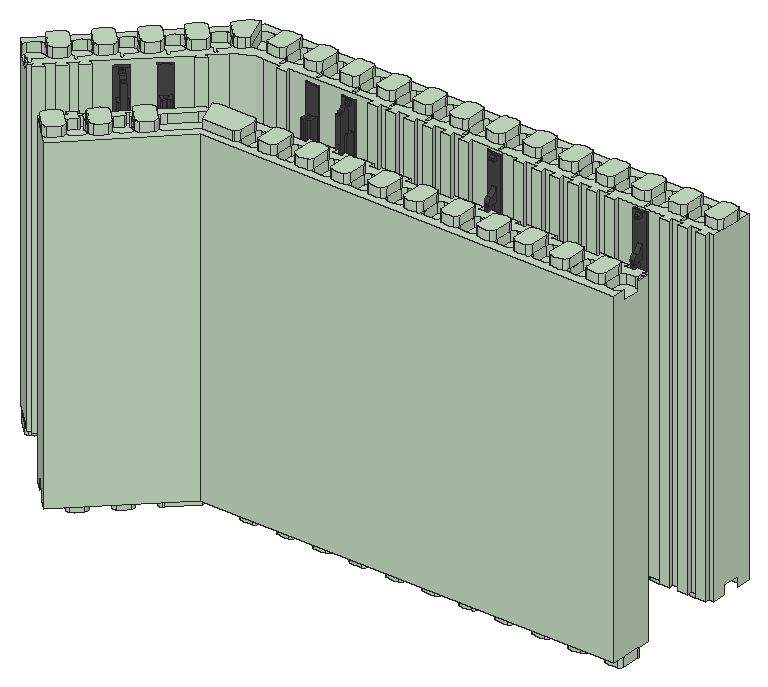
Revit family (continued)
Definition of nested family "4-inch Insert Web"
  Forms (mm)
    Extrusion 2, solid, material "High Density Polystyrene"
      sketch origin (0, 0, 0) x (0, 1, 0) y (0, 0, 1)
        loop
          line (28.016, 366.947) -> (8.37, 357.753)
          arc (8.37, 357.753) -> (4.342, 351.679) -> (1.524, 344.958) r 38.683
          line (1.524, 344.958) -> (1.524, 330.717)
          arc (1.524, 330.717) -> (4.39, 325.677) -> (9.462, 322.866) r 10.723
          line (9.462, 322.866) -> (28.575, 322.866)
          arc (28.575, 322.866) -> (34.302, 326.664) -> (38.1, 332.391) r 17.304
          line (38.1, 332.391) -> (38.1, 358.508)
          arc (38.1, 358.508) -> (34.431, 364.369) -> (28.016, 366.947) r 11.169
        loop
          arc (-28.016, 366.947) -> (-34.431, 364.369) -> (-38.1, 358.508) r 11.169
          line (-38.1, 358.508) -> (-38.1, 332.391)
          arc (-38.1, 332.391) -> (-34.302, 326.664) -> (-28.575, 322.866) r 17.304
          line (-28.575, 322.866) -> (-9.462, 322.866)
          arc (-9.462, 322.866) -> (-4.39, 325.677) -> (-1.524, 330.717) r 10.723
          line (-1.524, 330.717) -> (-1.524, 344.958)
          arc (-1.524, 344.958) -> (-4.342, 351.679) -> (-8.37, 357.753) r 38.683
          line (-8.37, 357.753) -> (-28.016, 366.947)
        loop
          arc (28.016, 274.213) -> (34.431, 276.792) -> (38.1, 282.652) r 11.169
          line (38.1, 282.652) -> (38.1, 308.769)
          arc (38.1, 308.769) -> (34.302, 314.497) -> (28.575, 318.294) r 17.304
          line (28.575, 318.294) -> (9.462, 318.294)
          arc (9.462, 318.294) -> (4.39, 315.483) -> (1.524, 310.443) r 10.723
          line (1.524, 310.443) -> (1.524, 296.202)
          arc (1.524, 296.202) -> (4.342, 289.481) -> (8.37, 283.408) r 38.683
          line (8.37, 283.408) -> (28.016, 274.213)
        loop
          line (-28.016, 274.213) -> (-8.37, 283.408)
          arc (-8.37, 283.408) -> (-4.342, 289.481) -> (-1.524, 296.202) r 38.683
          line (-1.524, 296.202) -> (-1.524, 310.443)
          arc (-1.524, 310.443) -> (-4.39, 315.483) -> (-9.462, 318.294) r 10.723
          line (-9.462, 318.294) -> (-28.575, 318.294)
          arc (-28.575, 318.294) -> (-34.302, 314.497) -> (-38.1, 308.769) r 17.304
          line (-38.1, 308.769) -> (-38.1, 282.652)
          arc (-38.1, 282.652) -> (-34.431, 276.792) -> (-28.016, 274.213) r 11.169
        loop
          arc (10.766, 277.238) -> (5.515, 279.027) -> (0, 279.633) r 25.4
          arc (0, 279.633) -> (-5.515, 279.027) -> (-10.766, 277.238) r 25.4
          line (-10.766, 277.238) -> (-30.783, 267.87)
          arc (-30.783, 267.87) -> (-36.116, 263.184) -> (-38.1, 256.368) r 12.7
          line (-38.1, 256.368) -> (-38.1, 236.534) -> (-35.052, 231.454) -> (-35.052, 228.6) -> (-35.052, 225.746) -> (-38.1, 220.666) -> (-38.1, 200.832)
          arc (-38.1, 200.832) -> (-36.116, 194.016) -> (-30.783, 189.33) r 12.7
          line (-30.783, 189.33) -> (-10.766, 179.962)
          arc (-10.766, 179.962) -> (-5.515, 178.173) -> (0, 177.567) r 25.4
          arc (0, 177.567) -> (5.515, 178.173) -> (10.766, 179.962) r 25.4
          line (10.766, 179.962) -> (30.783, 189.33)
          arc (30.783, 189.33) -> (36.116, 194.016) -> (38.1, 200.832) r 12.7
          line (38.1, 200.832) -> (38.1, 220.666) -> (35.052, 225.746) -> (35.052, 228.6) -> (35.052, 231.454) -> (38.1, 236.534) -> (38.1, 256.368)
          arc (38.1, 256.368) -> (36.116, 263.184) -> (30.783, 267.87) r 12.7
          line (30.783, 267.87) -> (10.766, 277.238)
        loop
          arc (28.016, 90.253) -> (34.431, 92.831) -> (38.1, 98.692) r 11.169
          line (38.1, 98.692) -> (38.1, 124.809)
          arc (38.1, 124.809) -> (34.302, 130.536) -> (28.575, 134.334) r 17.304
          line (28.575, 134.334) -> (9.462, 134.334)
          arc (9.462, 134.334) -> (4.39, 131.523) -> (1.524, 126.483) r 10.723
          line (1.524, 126.483) -> (1.524, 112.242)
          arc (1.524, 112.242) -> (4.342, 105.521) -> (8.37, 99.447) r 38.683
          line (8.37, 99.447) -> (28.016, 90.253)
        loop
          line (-28.016, 90.253) -> (-8.37, 99.447)
          arc (-8.37, 99.447) -> (-4.342, 105.521) -> (-1.524, 112.242) r 38.683
          line (-1.524, 112.242) -> (-1.524, 126.483)
          arc (-1.524, 126.483) -> (-4.39, 131.523) -> (-9.462, 134.334) r 10.723
          line (-9.462, 134.334) -> (-28.575, 134.334)
          arc (-28.575, 134.334) -> (-34.302, 130.536) -> (-38.1, 124.809) r 17.304
          line (-38.1, 124.809) -> (-38.1, 98.692)
          arc (-38.1, 98.692) -> (-34.431, 92.831) -> (-28.016, 90.253) r 11.169
        loop
          line (28.016, 182.987) -> (8.37, 173.792)
          arc (8.37, 173.792) -> (4.342, 167.719) -> (1.524, 160.998) r 38.683
          line (1.524, 160.998) -> (1.524, 146.757)
          arc (1.524, 146.757) -> (4.39, 141.717) -> (9.462, 138.906) r 10.723
          line (9.462, 138.906) -> (28.575, 138.906)
          arc (28.575, 138.906) -> (34.302, 142.703) -> (38.1, 148.431) r 17.304
          line (38.1, 148.431) -> (38.1, 174.548)
          arc (38.1, 174.548) -> (34.431, 180.408) -> (28.016, 182.987) r 11.169
        loop
          arc (-28.016, 182.987) -> (-34.431, 180.408) -> (-38.1, 174.548) r 11.169
          line (-38.1, 174.548) -> (-38.1, 148.431)
          arc (-38.1, 148.431) -> (-34.302, 142.703) -> (-28.575, 138.906) r 17.304
          line (-28.575, 138.906) -> (-9.462, 138.906)
          arc (-9.462, 138.906) -> (-4.39, 141.717) -> (-1.524, 146.757) r 10.723
          line (-1.524, 146.757) -> (-1.524, 160.998)
          arc (-1.524, 160.998) -> (-4.342, 167.719) -> (-8.37, 173.792) r 38.683
          line (-8.37, 173.792) -> (-28.016, 182.987)
      from 3.175 to -3.175
    Extrusion 3, solid, material "High Density Polystyrene"
      sketch origin (0, 0, 0) x (0, 1, 0) y (0, 0, 1)
        loop
          line (56.134, 410.919) -> (43.434, 410.919) -> (43.434, 380.439) -> (56.134, 380.439) -> (56.134, 410.919)
        loop
          line (56.134, 361.389) -> (43.434, 361.389) -> (43.434, 330.909) -> (56.134, 330.909) -> (56.134, 361.389)
        loop
          line (56.134, 311.859) -> (43.434, 311.859) -> (43.434, 281.379) -> (56.134, 281.379) -> (56.134, 311.859)
        loop
          line (56.134, 262.329) -> (43.434, 262.329) -> (43.434, 234.897) -> (56.134, 234.897) -> (56.134, 262.329)
        loop
          line (56.134, 215.847) -> (43.434, 215.847) -> (43.434, 188.415) -> (56.134, 188.415) -> (56.134, 215.847)
        loop
          line (56.134, 169.365) -> (43.434, 169.365) -> (43.434, 138.885) -> (56.134, 138.885) -> (56.134, 169.365)
        loop
          line (56.134, 119.835) -> (43.434, 119.835) -> (43.434, 89.355) -> (56.134, 89.355) -> (56.134, 119.835)
        loop
          line (56.134, 70.305) -> (43.434, 70.305) -> (43.434, 39.825) -> (56.134, 39.825) -> (56.134, 70.305)
        loop
          line (-56.134, 410.919) -> (-56.134, 380.439) -> (-43.434, 380.439) -> (-43.434, 410.919) -> (-56.134, 410.919)
        loop
          line (-56.134, 361.389) -> (-56.134, 330.909) -> (-43.434, 330.909) -> (-43.434, 361.389) -> (-56.134, 361.389)
        loop
          line (-56.134, 311.859) -> (-56.134, 281.379) -> (-43.434, 281.379) -> (-43.434, 311.859) -> (-56.134, 311.859)
        loop
          line (-56.134, 262.329) -> (-56.134, 234.897) -> (-43.434, 234.897) -> (-43.434, 262.329) -> (-56.134, 262.329)
        loop
          line (-56.134, 215.847) -> (-56.134, 188.415) -> (-43.434, 188.415) -> (-43.434, 215.847) -> (-56.134, 215.847)
        loop
          line (-56.134, 169.365) -> (-56.134, 138.885) -> (-43.434, 138.885) -> (-43.434, 169.365) -> (-56.134, 169.365)
        loop
          line (-56.134, 119.835) -> (-56.134, 89.355) -> (-43.434, 89.355) -> (-43.434, 119.835) -> (-56.134, 119.835)
        loop
          line (-56.134, 70.305) -> (-56.134, 39.825) -> (-43.434, 39.825) -> (-43.434, 70.305) -> (-56.134, 70.305)
      from 6.35 to -6.35
    Extrusion 4, void
      sketch origin (0, -25.4, 0) x (1, 0, 0) y (0, 1, 0)
        loop
          line (-6.35, 70.929) -> (-6.35, 68.834) -> (-4.255, 68.834)
          arc (-4.255, 68.834) -> (-5.736, 69.448) -> (-6.35, 70.929) r 2.095
      from 0 to 457.2
    Extrusion 5, void
      sketch origin (0, -25.4, 0) x (-1, 0, 0) y (0, -1, 0)
        loop
          arc (-6.35, -70.929) -> (-5.736, -69.448) -> (-4.255, -68.834) r 2.095
          line (-4.255, -68.834) -> (-6.35, -68.834) -> (-6.35, -70.929)
      from 0 to 457.2
    Extrusion 6, void
      sketch origin (0, 25.4, 0) x (1, 0, 0) y (0, 1, 0)
        loop
          arc (-6.35, -70.929) -> (-5.736, -69.448) -> (-4.255, -68.834) r 2.095
          line (-4.255, -68.834) -> (-6.35, -68.834) -> (-6.35, -70.929)
      from 0 to 457.2
    Extrusion 7, void
      sketch origin (0, 25.4, 0) x (-1, 0, 0) y (0, -1, 0)
        loop
          line (-6.35, 70.929) -> (-6.35, 68.834) -> (-4.255, 68.834)
          arc (-4.255, 68.834) -> (-5.736, 69.448) -> (-6.35, 70.929) r 2.095
      from 0 to 457.2
  Cuts and joins
    Extrusion 4, Extrusion 5, Extrusion 6, Extrusion 7 cuts Extrusion 1
    Extrusion 4, Extrusion 5, Extrusion 6, Extrusion 7 cuts Extrusion 3
Definition of nested family "NUDURA Diamond Pattern"
  Reference planes
    plane 1 "Center (Front/Back)": y = 0
    plane 2: z = 0
    plane 3 "Center (Left/Right)": x = 0
    plane 4: z = 457.2
  Lines and regions (mm)
    model lines
      curve 1: line (203.2, -142.875, 457.2) -> (203.2, -142.875, 0)
      curve 2: line (152.4, -142.875, 457.2) -> (152.4, -142.875, 0)
      curve 3: line (50.8, -142.875, 457.2) -> (50.8, -142.875, 0)
      curve 4: line (85.183, -142.875, 431.415) -> (93.906, -142.875, 422.692)
      curve 5: arc (85.183, -142.875, 444.885) -> (82.394, -142.875, 438.15) -> (85.183, -142.875, 431.415) r 9.525
      curve 6: line (94.708, -142.875, 454.41) -> (85.183, -142.875, 444.885)
      curve 7: arc (108.179, -142.875, 454.41) -> (101.444, -142.875, 457.2) -> (94.708, -142.875, 454.41) r 9.525
      curve 8: line (117.704, -142.875, 444.885) -> (108.179, -142.875, 454.41)
      curve 9: arc (117.704, -142.875, 431.415) -> (120.494, -142.875, 438.15) -> (117.704, -142.875, 444.885) r 9.525
      curve 10: line (108.981, -142.875, 422.692) -> (117.704, -142.875, 431.415)
      curve 11: arc (105.934, -142.875, 452.165) -> (101.444, -142.875, 454.025) -> (96.953, -142.875, 452.165) r 6.35
      curve 12: line (115.459, -142.875, 442.64) -> (105.934, -142.875, 452.165)
      curve 13: arc (115.459, -142.875, 433.66) -> (117.319, -142.875, 438.15) -> (115.459, -142.875, 442.64) r 6.35
      curve 14: line (105.934, -142.875, 424.135) -> (115.459, -142.875, 433.66)
      curve 15: arc (96.953, -142.875, 424.135) -> (101.444, -142.875, 422.275) -> (105.934, -142.875, 424.135) r 6.35
      curve 16: line (87.428, -142.875, 433.66) -> (96.953, -142.875, 424.135)
      curve 17: arc (87.428, -142.875, 442.64) -> (85.569, -142.875, 438.15) -> (87.428, -142.875, 433.66) r 6.35
      curve 18: line (96.953, -142.875, 452.165) -> (87.428, -142.875, 442.64)
      curve 19: arc (93.906, -142.875, 415.508) -> (95.394, -142.875, 419.1) -> (93.906, -142.875, 422.692) r 5.08
      curve 20: line (117.704, -142.875, 406.785) -> (108.981, -142.875, 415.508)
      curve 21: arc (117.704, -142.875, 393.315) -> (120.494, -142.875, 400.05) -> (117.704, -142.875, 406.785) r 9.525
      curve 22: line (108.981, -142.875, 384.592) -> (117.704, -142.875, 393.315)
      curve 23: line (85.183, -142.875, 393.315) -> (93.906, -142.875, 384.592)
      curve 24: arc (85.183, -142.875, 406.785) -> (82.394, -142.875, 400.05) -> (85.183, -142.875, 393.315) r 9.525
      curve 25: line (93.906, -142.875, 415.508) -> (85.183, -142.875, 406.785)
      curve 26: arc (105.934, -142.875, 414.065) -> (101.444, -142.875, 415.925) -> (96.953, -142.875, 414.065) r 6.35
      curve 27: line (96.953, -142.875, 414.065) -> (87.428, -142.875, 404.54)
      curve 28: arc (87.428, -142.875, 404.54) -> (85.569, -142.875, 400.05) -> (87.428, -142.875, 395.56) r 6.35
      curve 29: line (87.428, -142.875, 395.56) -> (96.953, -142.875, 386.035)
      curve 30: arc (96.953, -142.875, 386.035) -> (101.444, -142.875, 384.175) -> (105.934, -142.875, 386.035) r 6.35
      curve 31: line (105.934, -142.875, 386.035) -> (115.459, -142.875, 395.56)
      curve 32: arc (115.459, -142.875, 395.56) -> (117.319, -142.875, 400.05) -> (115.459, -142.875, 404.54) r 6.35
      curve 33: line (115.459, -142.875, 404.54) -> (105.934, -142.875, 414.065)
      curve 34: arc (93.906, -142.875, 377.408) -> (95.394, -142.875, 381) -> (93.906, -142.875, 384.592) r 5.08
      curve 35: line (117.704, -142.875, 368.685) -> (108.981, -142.875, 377.408)
      curve 36: arc (117.704, -142.875, 355.215) -> (120.494, -142.875, 361.95) -> (117.704, -142.875, 368.685) r 9.525
      curve 37: line (108.981, -142.875, 346.492) -> (117.704, -142.875, 355.215)
      curve 38: line (85.183, -142.875, 355.215) -> (93.906, -142.875, 346.492)
      curve 39: arc (85.183, -142.875, 368.685) -> (82.394, -142.875, 361.95) -> (85.183, -142.875, 355.215) r 9.525
      curve 40: line (93.906, -142.875, 377.408) -> (85.183, -142.875, 368.685)
      curve 41: arc (105.934, -142.875, 375.965) -> (101.444, -142.875, 377.825) -> (96.953, -142.875, 375.965) r 6.35
      curve 42: line (96.953, -142.875, 375.965) -> (87.428, -142.875, 366.44)
      curve 43: arc (87.428, -142.875, 366.44) -> (85.569, -142.875, 361.95) -> (87.428, -142.875, 357.46) r 6.35
      curve 44: line (87.428, -142.875, 357.46) -> (96.953, -142.875, 347.935)
      curve 45: arc (96.953, -142.875, 347.935) -> (101.444, -142.875, 346.075) -> (105.934, -142.875, 347.935) r 6.35
      curve 46: line (105.934, -142.875, 347.935) -> (115.459, -142.875, 357.46)
      curve 47: arc (115.459, -142.875, 357.46) -> (117.319, -142.875, 361.95) -> (115.459, -142.875, 366.44) r 6.35
      curve 48: line (115.459, -142.875, 366.44) -> (105.934, -142.875, 375.965)
      curve 49: arc (93.906, -142.875, 339.308) -> (95.394, -142.875, 342.9) -> (93.906, -142.875, 346.492) r 5.08
      curve 50: line (117.704, -142.875, 330.585) -> (108.981, -142.875, 339.308)
      curve 51: arc (117.704, -142.875, 317.115) -> (120.494, -142.875, 323.85) -> (117.704, -142.875, 330.585) r 9.525
      curve 52: line (108.981, -142.875, 308.392) -> (117.704, -142.875, 317.115)
      curve 53: line (85.183, -142.875, 317.115) -> (93.906, -142.875, 308.392)
      curve 54: arc (85.183, -142.875, 330.585) -> (82.394, -142.875, 323.85) -> (85.183, -142.875, 317.115) r 9.525
      curve 55: line (93.906, -142.875, 339.308) -> (85.183, -142.875, 330.585)
      curve 56: arc (105.934, -142.875, 337.865) -> (101.444, -142.875, 339.725) -> (96.953, -142.875, 337.865) r 6.35
      curve 57: line (96.953, -142.875, 337.865) -> (87.428, -142.875, 328.34)
      curve 58: arc (87.428, -142.875, 328.34) -> (85.569, -142.875, 323.85) -> (87.428, -142.875, 319.36) r 6.35
      curve 59: line (87.428, -142.875, 319.36) -> (96.953, -142.875, 309.835)
      curve 60: arc (96.953, -142.875, 309.835) -> (101.444, -142.875, 307.975) -> (105.934, -142.875, 309.835) r 6.35
      curve 61: line (105.934, -142.875, 309.835) -> (115.459, -142.875, 319.36)
      curve 62: arc (115.459, -142.875, 319.36) -> (117.319, -142.875, 323.85) -> (115.459, -142.875, 328.34) r 6.35
      curve 63: line (115.459, -142.875, 328.34) -> (105.934, -142.875, 337.865)
      curve 64: arc (93.906, -142.875, 301.208) -> (95.394, -142.875, 304.8) -> (93.906, -142.875, 308.392) r 5.08
      curve 65: line (117.704, -142.875, 292.485) -> (108.981, -142.875, 301.208)
      curve 66: arc (117.704, -142.875, 279.015) -> (120.494, -142.875, 285.75) -> (117.704, -142.875, 292.485) r 9.525
      curve 67: line (108.981, -142.875, 270.292) -> (117.704, -142.875, 279.015)
      curve 68: line (85.183, -142.875, 279.015) -> (93.906, -142.875, 270.292)
      curve 69: arc (85.183, -142.875, 292.485) -> (82.394, -142.875, 285.75) -> (85.183, -142.875, 279.015) r 9.525
      curve 70: line (93.906, -142.875, 301.208) -> (85.183, -142.875, 292.485)
      curve 71: arc (105.934, -142.875, 299.765) -> (101.444, -142.875, 301.625) -> (96.953, -142.875, 299.765) r 6.35
      curve 72: line (96.953, -142.875, 299.765) -> (87.428, -142.875, 290.24)
      curve 73: arc (87.428, -142.875, 290.24) -> (85.569, -142.875, 285.75) -> (87.428, -142.875, 281.26) r 6.35
      curve 74: line (87.428, -142.875, 281.26) -> (96.953, -142.875, 271.735)
      curve 75: arc (96.953, -142.875, 271.735) -> (101.444, -142.875, 269.875) -> (105.934, -142.875, 271.735) r 6.35
      curve 76: line (105.934, -142.875, 271.735) -> (115.459, -142.875, 281.26)
      curve 77: arc (115.459, -142.875, 281.26) -> (117.319, -142.875, 285.75) -> (115.459, -142.875, 290.24) r 6.35
      curve 78: line (115.459, -142.875, 290.24) -> (105.934, -142.875, 299.765)
      curve 79: arc (93.906, -142.875, 263.108) -> (95.394, -142.875, 266.7) -> (93.906, -142.875, 270.292) r 5.08
      curve 80: line (117.704, -142.875, 254.385) -> (108.981, -142.875, 263.108)
      curve 81: arc (117.704, -142.875, 240.915) -> (120.494, -142.875, 247.65) -> (117.704, -142.875, 254.385) r 9.525
      curve 82: line (108.981, -142.875, 232.192) -> (117.704, -142.875, 240.915)
      curve 83: line (85.183, -142.875, 240.915) -> (93.906, -142.875, 232.192)
      curve 84: arc (85.183, -142.875, 254.385) -> (82.394, -142.875, 247.65) -> (85.183, -142.875, 240.915) r 9.525
      curve 85: line (93.906, -142.875, 263.108) -> (85.183, -142.875, 254.385)
      curve 86: arc (105.934, -142.875, 261.665) -> (101.444, -142.875, 263.525) -> (96.953, -142.875, 261.665) r 6.35
      curve 87: line (96.953, -142.875, 261.665) -> (87.428, -142.875, 252.14)
      curve 88: arc (87.428, -142.875, 252.14) -> (85.569, -142.875, 247.65) -> (87.428, -142.875, 243.16) r 6.35
      curve 89: line (87.428, -142.875, 243.16) -> (96.953, -142.875, 233.635)
      curve 90: arc (96.953, -142.875, 233.635) -> (101.444, -142.875, 231.775) -> (105.934, -142.875, 233.635) r 6.35
      curve 91: line (105.934, -142.875, 233.635) -> (115.459, -142.875, 243.16)
      curve 92: arc (115.459, -142.875, 243.16) -> (117.319, -142.875, 247.65) -> (115.459, -142.875, 252.14) r 6.35
      curve 93: line (115.459, -142.875, 252.14) -> (105.934, -142.875, 261.665)
      curve 94: arc (93.906, -142.875, 225.008) -> (95.394, -142.875, 228.6) -> (93.906, -142.875, 232.192) r 5.08
      curve 95: line (117.704, -142.875, 216.285) -> (108.981, -142.875, 225.008)
      curve 96: arc (117.704, -142.875, 202.815) -> (120.494, -142.875, 209.55) -> (117.704, -142.875, 216.285) r 9.525
      curve 97: line (108.981, -142.875, 194.092) -> (117.704, -142.875, 202.815)
      curve 98: line (85.183, -142.875, 202.815) -> (93.906, -142.875, 194.092)
      curve 99: arc (85.183, -142.875, 216.285) -> (82.394, -142.875, 209.55) -> (85.183, -142.875, 202.815) r 9.525
      curve 100: line (93.906, -142.875, 225.008) -> (85.183, -142.875, 216.285)
      curve 101: arc (105.934, -142.875, 223.565) -> (101.444, -142.875, 225.425) -> (96.953, -142.875, 223.565) r 6.35
      curve 102: line (96.953, -142.875, 223.565) -> (87.428, -142.875, 214.04)
      curve 103: arc (87.428, -142.875, 214.04) -> (85.569, -142.875, 209.55) -> (87.428, -142.875, 205.06) r 6.35
      curve 104: line (87.428, -142.875, 205.06) -> (96.953, -142.875, 195.535)
      curve 105: arc (96.953, -142.875, 195.535) -> (101.444, -142.875, 193.675) -> (105.934, -142.875, 195.535) r 6.35
      curve 106: line (105.934, -142.875, 195.535) -> (115.459, -142.875, 205.06)
      curve 107: arc (115.459, -142.875, 205.06) -> (117.319, -142.875, 209.55) -> (115.459, -142.875, 214.04) r 6.35
      curve 108: line (115.459, -142.875, 214.04) -> (105.934, -142.875, 223.565)
      curve 109: arc (93.906, -142.875, 186.908) -> (95.394, -142.875, 190.5) -> (93.906, -142.875, 194.092) r 5.08
      curve 110: line (117.704, -142.875, 178.185) -> (108.981, -142.875, 186.908)
      curve 111: arc (117.704, -142.875, 164.715) -> (120.494, -142.875, 171.45) -> (117.704, -142.875, 178.185) r 9.525
      curve 112: line (108.981, -142.875, 155.992) -> (117.704, -142.875, 164.715)
      curve 113: line (85.183, -142.875, 164.715) -> (93.906, -142.875, 155.992)
      curve 114: arc (85.183, -142.875, 178.185) -> (82.394, -142.875, 171.45) -> (85.183, -142.875, 164.715) r 9.525
      curve 115: line (93.906, -142.875, 186.908) -> (85.183, -142.875, 178.185)
      curve 116: arc (105.934, -142.875, 185.465) -> (101.444, -142.875, 187.325) -> (96.953, -142.875, 185.465) r 6.35
      curve 117: line (96.953, -142.875, 185.465) -> (87.428, -142.875, 175.94)
      curve 118: arc (87.428, -142.875, 175.94) -> (85.569, -142.875, 171.45) -> (87.428, -142.875, 166.96) r 6.35
      curve 119: line (87.428, -142.875, 166.96) -> (96.953, -142.875, 157.435)
      curve 120: arc (96.953, -142.875, 157.435) -> (101.444, -142.875, 155.575) -> (105.934, -142.875, 157.435) r 6.35
      curve 121: line (105.934, -142.875, 157.435) -> (115.459, -142.875, 166.96)
      curve 122: arc (115.459, -142.875, 166.96) -> (117.319, -142.875, 171.45) -> (115.459, -142.875, 175.94) r 6.35
      curve 123: line (115.459, -142.875, 175.94) -> (105.934, -142.875, 185.465)
      curve 124: arc (93.906, -142.875, 148.808) -> (95.394, -142.875, 152.4) -> (93.906, -142.875, 155.992) r 5.08
      curve 125: line (117.704, -142.875, 140.085) -> (108.981, -142.875, 148.808)
      curve 126: arc (117.704, -142.875, 126.615) -> (120.494, -142.875, 133.35) -> (117.704, -142.875, 140.085) r 9.525
      curve 127: line (108.981, -142.875, 117.892) -> (117.704, -142.875, 126.615)
      curve 128: line (85.183, -142.875, 126.615) -> (93.906, -142.875, 117.892)
      curve 129: arc (85.183, -142.875, 140.085) -> (82.394, -142.875, 133.35) -> (85.183, -142.875, 126.615) r 9.525
      curve 130: line (93.906, -142.875, 148.808) -> (85.183, -142.875, 140.085)
      curve 131: arc (105.934, -142.875, 147.365) -> (101.444, -142.875, 149.225) -> (96.953, -142.875, 147.365) r 6.35
      curve 132: line (96.953, -142.875, 147.365) -> (87.428, -142.875, 137.84)
      curve 133: arc (87.428, -142.875, 137.84) -> (85.569, -142.875, 133.35) -> (87.428, -142.875, 128.86) r 6.35
      curve 134: line (87.428, -142.875, 128.86) -> (96.953, -142.875, 119.335)
      curve 135: arc (96.953, -142.875, 119.335) -> (101.444, -142.875, 117.475) -> (105.934, -142.875, 119.335) r 6.35
      curve 136: line (105.934, -142.875, 119.335) -> (115.459, -142.875, 128.86)
      curve 137: arc (115.459, -142.875, 128.86) -> (117.319, -142.875, 133.35) -> (115.459, -142.875, 137.84) r 6.35
      curve 138: line (115.459, -142.875, 137.84) -> (105.934, -142.875, 147.365)
      curve 139: arc (93.906, -142.875, 110.708) -> (95.394, -142.875, 114.3) -> (93.906, -142.875, 117.892) r 5.08
      curve 140: line (117.704, -142.875, 101.985) -> (108.981, -142.875, 110.708)
      curve 141: arc (117.704, -142.875, 88.515) -> (120.494, -142.875, 95.25) -> (117.704, -142.875, 101.985) r 9.525
      curve 142: line (108.981, -142.875, 79.792) -> (117.704, -142.875, 88.515)
      curve 143: line (85.183, -142.875, 88.515) -> (93.906, -142.875, 79.792)
      curve 144: arc (85.183, -142.875, 101.985) -> (82.394, -142.875, 95.25) -> (85.183, -142.875, 88.515) r 9.525
      curve 145: line (93.906, -142.875, 110.708) -> (85.183, -142.875, 101.985)
      curve 146: arc (105.934, -142.875, 109.265) -> (101.444, -142.875, 111.125) -> (96.953, -142.875, 109.265) r 6.35
      curve 147: line (96.953, -142.875, 109.265) -> (87.428, -142.875, 99.74)
      curve 148: arc (87.428, -142.875, 99.74) -> (85.569, -142.875, 95.25) -> (87.428, -142.875, 90.76) r 6.35
      curve 149: line (87.428, -142.875, 90.76) -> (96.953, -142.875, 81.235)
      curve 150: arc (96.953, -142.875, 81.235) -> (101.444, -142.875, 79.375) -> (105.934, -142.875, 81.235) r 6.35
      curve 151: line (105.934, -142.875, 81.235) -> (115.459, -142.875, 90.76)
      curve 152: arc (115.459, -142.875, 90.76) -> (117.319, -142.875, 95.25) -> (115.459, -142.875, 99.74) r 6.35
      curve 153: line (115.459, -142.875, 99.74) -> (105.934, -142.875, 109.265)
      curve 154: arc (93.906, -142.875, 72.608) -> (95.394, -142.875, 76.2) -> (93.906, -142.875, 79.792) r 5.08
      curve 155: line (117.704, -142.875, 63.885) -> (108.981, -142.875, 72.608)
      curve 156: arc (117.704, -142.875, 50.415) -> (120.494, -142.875, 57.15) -> (117.704, -142.875, 63.885) r 9.525
      curve 157: line (108.981, -142.875, 41.692) -> (117.704, -142.875, 50.415)
      curve 158: line (85.183, -142.875, 50.415) -> (93.906, -142.875, 41.692)
      curve 159: arc (85.183, -142.875, 63.885) -> (82.394, -142.875, 57.15) -> (85.183, -142.875, 50.415) r 9.525
      curve 160: line (93.906, -142.875, 72.608) -> (85.183, -142.875, 63.885)
      curve 161: arc (105.934, -142.875, 71.165) -> (101.444, -142.875, 73.025) -> (96.953, -142.875, 71.165) r 6.35
      curve 162: line (96.953, -142.875, 71.165) -> (87.428, -142.875, 61.64)
      curve 163: arc (87.428, -142.875, 61.64) -> (85.569, -142.875, 57.15) -> (87.428, -142.875, 52.66) r 6.35
      curve 164: line (87.428, -142.875, 52.66) -> (96.953, -142.875, 43.135)
      curve 165: arc (96.953, -142.875, 43.135) -> (101.444, -142.875, 41.275) -> (105.934, -142.875, 43.135) r 6.35
      curve 166: line (105.934, -142.875, 43.135) -> (115.459, -142.875, 52.66)
      curve 167: arc (115.459, -142.875, 52.66) -> (117.319, -142.875, 57.15) -> (115.459, -142.875, 61.64) r 6.35
      curve 168: line (115.459, -142.875, 61.64) -> (105.934, -142.875, 71.165)
      curve 169: arc (93.906, -142.875, 34.508) -> (95.394, -142.875, 38.1) -> (93.906, -142.875, 41.692) r 5.08
      curve 170: line (93.906, -142.875, 34.508) -> (85.183, -142.875, 25.785)
      curve 171: arc (85.183, -142.875, 25.785) -> (82.394, -142.875, 19.05) -> (85.183, -142.875, 12.315) r 9.525
      curve 172: line (85.183, -142.875, 12.315) -> (94.708, -142.875, 2.79)
      curve 173: arc (94.708, -142.875, 2.79) -> (101.444, -142.875, 0) -> (108.179, -142.875, 2.79) r 9.525
      curve 174: line (108.179, -142.875, 2.79) -> (117.704, -142.875, 12.315)
      curve 175: arc (117.704, -142.875, 12.315) -> (120.494, -142.875, 19.05) -> (117.704, -142.875, 25.785) r 9.525
      curve 176: line (117.704, -142.875, 25.785) -> (108.981, -142.875, 34.508)
      curve 177: arc (108.981, -142.875, 41.692) -> (107.493, -142.875, 38.1) -> (108.981, -142.875, 34.508) r 5.08
      curve 178: arc (105.934, -142.875, 33.065) -> (101.444, -142.875, 34.925) -> (96.953, -142.875, 33.065) r 6.35
      curve 179: line (115.459, -142.875, 23.54) -> (105.934, -142.875, 33.065)
      curve 180: arc (115.459, -142.875, 14.56) -> (117.319, -142.875, 19.05) -> (115.459, -142.875, 23.54) r 6.35
      curve 181: line (105.934, -142.875, 5.035) -> (115.459, -142.875, 14.56)
      curve 182: arc (96.953, -142.875, 5.035) -> (101.444, -142.875, 3.175) -> (105.934, -142.875, 5.035) r 6.35
      curve 183: line (87.428, -142.875, 14.56) -> (96.953, -142.875, 5.035)
      curve 184: arc (87.428, -142.875, 23.54) -> (85.569, -142.875, 19.05) -> (87.428, -142.875, 14.56) r 6.35
      curve 185: line (96.953, -142.875, 33.065) -> (87.428, -142.875, 23.54)
      curve 186: arc (108.981, -142.875, 79.792) -> (107.493, -142.875, 76.2) -> (108.981, -142.875, 72.608) r 5.08
      curve 187: arc (108.981, -142.875, 117.892) -> (107.493, -142.875, 114.3) -> (108.981, -142.875, 110.708) r 5.08
      curve 188: arc (108.981, -142.875, 155.992) -> (107.493, -142.875, 152.4) -> (108.981, -142.875, 148.808) r 5.08
      curve 189: arc (108.981, -142.875, 194.092) -> (107.493, -142.875, 190.5) -> (108.981, -142.875, 186.908) r 5.08
      curve 190: arc (108.981, -142.875, 232.192) -> (107.493, -142.875, 228.6) -> (108.981, -142.875, 225.008) r 5.08
      curve 191: arc (108.981, -142.875, 270.292) -> (107.493, -142.875, 266.7) -> (108.981, -142.875, 263.108) r 5.08
      curve 192: arc (108.981, -142.875, 308.392) -> (107.493, -142.875, 304.8) -> (108.981, -142.875, 301.208) r 5.08
      curve 193: arc (108.981, -142.875, 346.492) -> (107.493, -142.875, 342.9) -> (108.981, -142.875, 339.308) r 5.08
      curve 194: arc (108.981, -142.875, 384.592) -> (107.493, -142.875, 381) -> (108.981, -142.875, 377.408) r 5.08
      curve 195: arc (108.981, -142.875, 422.692) -> (107.493, -142.875, 419.1) -> (108.981, -142.875, 415.508) r 5.08
Definition of nested family "NUDURA Logo Diamond"
  Reference planes
    plane 1 "Center (Front/Back)": y = 0
    plane 2: z = 0
    plane 3 "Center (Left/Right)": x = 0
  Lines and regions (mm)
    model lines
      curve 1: line (320.001, 0, 444.526) -> (311.021, 0, 453.507)
      curve 2: line (313.973, 0, 425.925) -> (320.001, 0, 431.954)
      curve 3: line (320.001, 0, 406.426) -> (313.973, 0, 412.455)
      curve 4: line (313.973, 0, 387.825) -> (320.001, 0, 393.854)
      curve 5: line (320.001, 0, 368.326) -> (313.973, 0, 374.355)
      curve 6: line (313.973, 0, 349.725) -> (320.001, 0, 355.754)
      curve 7: line (309.225, 0, 337.411) -> (322.887, 0, 323.749)
      curve 8: line (322.887, 0, 323.749) -> (324.683, 0, 325.545)
      curve 9: line (286.583, 0, 323.749) -> (300.245, 0, 337.411)
      curve 10: line (295.497, 0, 336.255) -> (284.787, 0, 325.545)
      curve 11: line (289.468, 0, 355.754) -> (295.497, 0, 349.725)
      curve 12: line (295.497, 0, 374.355) -> (289.468, 0, 368.326)
      curve 13: line (289.468, 0, 393.854) -> (295.497, 0, 387.825)
      curve 14: line (295.497, 0, 412.455) -> (289.468, 0, 406.426)
      curve 15: line (289.468, 0, 431.954) -> (295.497, 0, 425.925)
      curve 16: line (298.449, 0, 453.507) -> (289.468, 0, 444.526)
      curve 17: line (300.245, 0, 451.711) -> (291.265, 0, 442.73)
      curve 18: line (318.205, 0, 442.73) -> (309.225, 0, 451.711)
      curve 19: line (309.225, 0, 424.77) -> (318.205, 0, 433.75)
      curve 20: line (291.265, 0, 433.75) -> (300.245, 0, 424.77)
      curve 21: arc (289.468, 0, 444.526) -> (286.865, 0, 438.24) -> (289.468, 0, 431.954) r 8.89
      curve 22: arc (298.449, 0, 453.507) -> (304.735, 0, 456.111) -> (311.021, 0, 453.507) r 8.89
      curve 23: arc (291.265, 0, 442.73) -> (289.405, 0, 438.24) -> (291.265, 0, 433.75) r 6.35
      curve 24: arc (318.205, 0, 442.73) -> (320.065, 0, 438.24) -> (318.205, 0, 433.75) r 6.35
      curve 25: arc (309.225, 0, 424.77) -> (304.735, 0, 422.91) -> (300.245, 0, 424.77) r 6.35
      curve 26: arc (300.245, 0, 451.711) -> (304.735, 0, 453.571) -> (309.225, 0, 451.711) r 6.35
      curve 27: arc (320.001, 0, 444.526) -> (322.605, 0, 438.24) -> (320.001, 0, 431.954) r 8.89
      curve 28: arc (295.497, 0, 425.925) -> (298.287, 0, 419.19) -> (295.497, 0, 412.455) r 9.525
      curve 29: arc (313.973, 0, 425.925) -> (311.183, 0, 419.19) -> (313.973, 0, 412.455) r 9.525
      curve 30: line (313.973, 0, 387.825) -> (320.001, 0, 393.854)
      curve 31: line (289.468, 0, 393.854) -> (295.497, 0, 387.825)
      curve 32: line (300.245, 0, 413.611) -> (291.265, 0, 404.63)
      curve 33: line (318.205, 0, 404.63) -> (309.225, 0, 413.611)
      curve 34: line (309.225, 0, 386.67) -> (318.205, 0, 395.65)
      curve 35: line (291.265, 0, 395.65) -> (300.245, 0, 386.67)
      curve 36: arc (289.468, 0, 406.426) -> (286.865, 0, 400.14) -> (289.468, 0, 393.854) r 8.89
      curve 37: arc (291.265, 0, 404.63) -> (289.405, 0, 400.14) -> (291.265, 0, 395.65) r 6.35
      curve 38: arc (318.205, 0, 404.63) -> (320.065, 0, 400.14) -> (318.205, 0, 395.65) r 6.35
      curve 39: arc (309.225, 0, 386.67) -> (304.735, 0, 384.81) -> (300.245, 0, 386.67) r 6.35
      curve 40: arc (300.245, 0, 413.611) -> (304.735, 0, 415.471) -> (309.225, 0, 413.611) r 6.35
      curve 41: arc (320.001, 0, 406.426) -> (322.605, 0, 400.14) -> (320.001, 0, 393.854) r 8.89
      curve 42: line (295.497, 0, 412.455) -> (289.468, 0, 406.426)
      curve 43: line (320.001, 0, 406.426) -> (313.973, 0, 412.455)
      curve 44: arc (295.497, 0, 387.825) -> (298.287, 0, 381.09) -> (295.497, 0, 374.355) r 9.525
      curve 45: arc (313.973, 0, 387.825) -> (311.183, 0, 381.09) -> (313.973, 0, 374.355) r 9.525
      curve 46: line (313.973, 0, 349.725) -> (320.001, 0, 355.754)
      curve 47: line (289.468, 0, 355.754) -> (295.497, 0, 349.725)
      curve 48: line (300.245, 0, 375.511) -> (291.265, 0, 366.53)
      curve 49: line (318.205, 0, 366.53) -> (309.225, 0, 375.511)
      curve 50: line (309.225, 0, 348.57) -> (318.205, 0, 357.55)
      curve 51: line (291.265, 0, 357.55) -> (300.245, 0, 348.57)
      curve 52: arc (289.468, 0, 368.326) -> (286.865, 0, 362.04) -> (289.468, 0, 355.754) r 8.89
      curve 53: arc (291.265, 0, 366.53) -> (289.405, 0, 362.04) -> (291.265, 0, 357.55) r 6.35
      curve 54: arc (318.205, 0, 366.53) -> (320.065, 0, 362.04) -> (318.205, 0, 357.55) r 6.35
      curve 55: arc (309.225, 0, 348.57) -> (304.735, 0, 346.71) -> (300.245, 0, 348.57) r 6.35
      curve 56: arc (300.245, 0, 375.511) -> (304.735, 0, 377.371) -> (309.225, 0, 375.511) r 6.35
      curve 57: arc (320.001, 0, 368.326) -> (322.605, 0, 362.04) -> (320.001, 0, 355.754) r 8.89
      curve 58: line (295.497, 0, 374.355) -> (289.468, 0, 368.326)
      curve 59: arc (295.497, 0, 349.725) -> (298.287, 0, 342.99) -> (295.497, 0, 336.255) r 9.525
      curve 60: arc (313.973, 0, 349.725) -> (311.183, 0, 342.99) -> (313.973, 0, 336.255) r 9.525
      curve 61: line (324.683, 0, 325.545) -> (313.973, 0, 336.255)
      curve 62: line (284.787, 0, 325.545) -> (286.583, 0, 323.749)
      curve 63: arc (300.245, 0, 337.411) -> (304.735, 0, 339.271) -> (309.225, 0, 337.411) r 6.35
      curve 64: line (320.001, 0, 12.854) -> (311.021, 0, 3.874)
      curve 65: line (313.973, 0, 31.455) -> (320.001, 0, 25.426)
      curve 66: line (320.001, 0, 50.954) -> (313.973, 0, 44.925)
      curve 67: line (313.973, 0, 69.555) -> (320.001, 0, 63.526)
      curve 68: line (320.001, 0, 89.054) -> (313.973, 0, 83.025)
      curve 69: line (313.973, 0, 107.655) -> (320.001, 0, 101.626)
      curve 70: line (309.225, 0, 119.97) -> (322.887, 0, 133.632)
      curve 71: line (322.887, 0, 133.632) -> (324.683, 0, 131.836)
      curve 72: line (286.583, 0, 133.632) -> (300.245, 0, 119.97)
      curve 73: line (295.497, 0, 121.125) -> (284.787, 0, 131.836)
      curve 74: line (289.468, 0, 101.626) -> (295.497, 0, 107.655)
      curve 75: line (295.497, 0, 83.025) -> (289.468, 0, 89.054)
      curve 76: line (289.468, 0, 63.526) -> (295.497, 0, 69.555)
      curve 77: line (295.497, 0, 44.925) -> (289.468, 0, 50.954)
      curve 78: line (289.468, 0, 25.426) -> (295.497, 0, 31.455)
      curve 79: line (298.449, 0, 3.874) -> (289.468, 0, 12.854)
      curve 80: line (300.245, 0, 5.67) -> (291.265, 0, 14.65)
      curve 81: line (318.205, 0, 14.65) -> (309.225, 0, 5.67)
      curve 82: line (309.225, 0, 32.611) -> (318.205, 0, 23.63)
      curve 83: line (291.265, 0, 23.63) -> (300.245, 0, 32.611)
      curve 84: arc (289.468, 0, 12.854) -> (286.865, 0, 19.14) -> (289.468, 0, 25.426) r 8.89
      curve 85: arc (298.449, 0, 3.874) -> (304.735, 0, 1.27) -> (311.021, 0, 3.874) r 8.89
      curve 86: arc (291.265, 0, 14.65) -> (289.405, 0, 19.14) -> (291.265, 0, 23.63) r 6.35
      curve 87: arc (318.205, 0, 14.65) -> (320.065, 0, 19.14) -> (318.205, 0, 23.63) r 6.35
      curve 88: arc (309.225, 0, 32.611) -> (304.735, 0, 34.471) -> (300.245, 0, 32.611) r 6.35
      curve 89: arc (300.245, 0, 5.67) -> (304.735, 0, 3.81) -> (309.225, 0, 5.67) r 6.35
      curve 90: arc (320.001, 0, 12.854) -> (322.605, 0, 19.14) -> (320.001, 0, 25.426) r 8.89
      curve 91: arc (295.497, 0, 31.455) -> (298.287, 0, 38.19) -> (295.497, 0, 44.925) r 9.525
      curve 92: arc (313.973, 0, 31.455) -> (311.183, 0, 38.19) -> (313.973, 0, 44.925) r 9.525
      curve 93: line (313.973, 0, 69.555) -> (320.001, 0, 63.526)
      curve 94: line (289.468, 0, 63.526) -> (295.497, 0, 69.555)
      curve 95: line (300.245, 0, 43.77) -> (291.265, 0, 52.75)
      curve 96: line (318.205, 0, 52.75) -> (309.225, 0, 43.77)
      curve 97: line (309.225, 0, 70.711) -> (318.205, 0, 61.73)
      curve 98: line (291.265, 0, 61.73) -> (300.245, 0, 70.711)
      curve 99: arc (289.468, 0, 50.954) -> (286.865, 0, 57.24) -> (289.468, 0, 63.526) r 8.89
      curve 100: arc (291.265, 0, 52.75) -> (289.405, 0, 57.24) -> (291.265, 0, 61.73) r 6.35
      curve 101: arc (318.205, 0, 52.75) -> (320.065, 0, 57.24) -> (318.205, 0, 61.73) r 6.35
      curve 102: arc (309.225, 0, 70.711) -> (304.735, 0, 72.571) -> (300.245, 0, 70.711) r 6.35
      curve 103: arc (300.245, 0, 43.77) -> (304.735, 0, 41.91) -> (309.225, 0, 43.77) r 6.35
      curve 104: arc (320.001, 0, 50.954) -> (322.605, 0, 57.24) -> (320.001, 0, 63.526) r 8.89
      curve 105: line (295.497, 0, 44.925) -> (289.468, 0, 50.954)
      curve 106: line (320.001, 0, 50.954) -> (313.973, 0, 44.925)
      curve 107: arc (295.497, 0, 69.555) -> (298.287, 0, 76.29) -> (295.497, 0, 83.025) r 9.525
      curve 108: arc (313.973, 0, 69.555) -> (311.183, 0, 76.29) -> (313.973, 0, 83.025) r 9.525
      curve 109: line (313.973, 0, 107.655) -> (320.001, 0, 101.626)
      curve 110: line (289.468, 0, 101.626) -> (295.497, 0, 107.655)
      curve 111: line (300.245, 0, 81.87) -> (291.265, 0, 90.85)
      curve 112: line (318.205, 0, 90.85) -> (309.225, 0, 81.87)
      curve 113: line (309.225, 0, 108.811) -> (318.205, 0, 99.83)
      curve 114: line (291.265, 0, 99.83) -> (300.245, 0, 108.811)
      curve 115: arc (289.468, 0, 89.054) -> (286.865, 0, 95.34) -> (289.468, 0, 101.626) r 8.89
      curve 116: arc (291.265, 0, 90.85) -> (289.405, 0, 95.34) -> (291.265, 0, 99.83) r 6.35
      curve 117: arc (318.205, 0, 90.85) -> (320.065, 0, 95.34) -> (318.205, 0, 99.83) r 6.35
      curve 118: arc (309.225, 0, 108.811) -> (304.735, 0, 110.671) -> (300.245, 0, 108.811) r 6.35
      curve 119: arc (300.245, 0, 81.87) -> (304.735, 0, 80.01) -> (309.225, 0, 81.87) r 6.35
      curve 120: arc (320.001, 0, 89.054) -> (322.605, 0, 95.34) -> (320.001, 0, 101.626) r 8.89
      curve 121: line (295.497, 0, 83.025) -> (289.468, 0, 89.054)
      curve 122: arc (295.497, 0, 107.655) -> (298.287, 0, 114.39) -> (295.497, 0, 121.125) r 9.525
      curve 123: arc (313.973, 0, 107.655) -> (311.183, 0, 114.39) -> (313.973, 0, 121.125) r 9.525
      curve 124: line (324.683, 0, 131.836) -> (313.973, 0, 121.125)
      curve 125: line (284.787, 0, 131.836) -> (286.583, 0, 133.632)
      curve 126: arc (300.245, 0, 119.97) -> (304.735, 0, 118.11) -> (309.225, 0, 119.97) r 6.35
      curve 127: line (314.26, 0, 317.59) -> (295.21, 0, 317.59)
      curve 128: line (323.785, 0, 149.315) -> (323.785, 0, 308.065)
      curve 129: line (285.685, 0, 308.065) -> (285.685, 0, 149.315)
      curve 130: line (295.21, 0, 139.79) -> (314.26, 0, 139.79)
      curve 131: line (316.797, 0, 304.89) -> (305.798, 0, 311.24)
      curve 132: line (316.797, 0, 292.19) -> (316.797, 0, 304.89)
      curve 133: line (311.298, 0, 289.015) -> (316.797, 0, 292.19)
      curve 134: line (305.373, 0, 292.436) -> (311.298, 0, 289.015)
      curve 135: line (310.447, 0, 295.365) -> (305.373, 0, 292.436)
      curve 136: line (299.874, 0, 307.82) -> (310.447, 0, 301.715)
      curve 137: line (310.447, 0, 301.715) -> (310.447, 0, 295.365)
      curve 138: line (305.798, 0, 311.24) -> (299.874, 0, 307.82)
      curve 139: line (299.023, 0, 295.611) -> (304.097, 0, 298.54)
      curve 140: line (304.097, 0, 298.54) -> (298.172, 0, 301.961)
      curve 141: line (298.172, 0, 301.961) -> (292.673, 0, 298.786)
      curve 142: line (292.673, 0, 298.786) -> (292.673, 0, 286.086)
      curve 143: line (299.023, 0, 289.261) -> (299.023, 0, 295.611)
      curve 144: line (309.596, 0, 283.156) -> (299.023, 0, 289.261)
      curve 145: line (303.671, 0, 279.736) -> (309.596, 0, 283.156)
      curve 146: line (292.673, 0, 286.086) -> (303.671, 0, 279.736)
      curve 147: line (312.702, 0, 269.344) -> (296.768, 0, 272.912)
      curve 148: line (296.768, 0, 272.912) -> (296.768, 0, 267.036)
      curve 149: line (296.768, 0, 267.036) -> (308.089, 0, 264.517)
      curve 150: line (308.089, 0, 264.517) -> (296.768, 0, 260.949)
      curve 151: line (296.768, 0, 260.949) -> (296.768, 0, 251.084)
      curve 152: line (296.768, 0, 251.084) -> (309.138, 0, 248.314)
      curve 153: line (309.138, 0, 248.314) -> (309.138, 0, 247.516)
      curve 154: line (309.138, 0, 247.516) -> (301.281, 0, 248.991)
      curve 155: line (296.768, 0, 245.246) -> (296.768, 0, 237.71)
      curve 156: line (306.598, 0, 222.094) -> (306.598, 0, 228.599)
      curve 157: line (306.598, 0, 228.599) -> (296.768, 0, 230.786)
      curve 158: line (296.768, 0, 230.786) -> (296.768, 0, 215.343)
      curve 159: line (302.723, 0, 230.274) -> (312.702, 0, 228.039)
      curve 160: line (300.341, 0, 217.291) -> (300.341, 0, 223.486)
      curve 161: line (300.341, 0, 223.486) -> (306.598, 0, 222.094)
      curve 162: line (296.768, 0, 205.027) -> (296.768, 0, 197.49)
      curve 163: line (302.723, 0, 190.055) -> (310.162, 0, 188.389)
      curve 164: line (310.162, 0, 188.389) -> (310.162, 0, 176.633)
      curve 165: line (308.892, 0, 175.363) -> (307.868, 0, 175.363)
      curve 166: line (306.598, 0, 176.633) -> (306.598, 0, 180.004)
      curve 167: line (306.598, 0, 180.004) -> (307.868, 0, 179.719)
      curve 168: line (307.868, 0, 179.719) -> (307.868, 0, 186.3)
      curve 169: line (307.868, 0, 186.3) -> (296.768, 0, 188.785)
      curve 170: line (296.768, 0, 188.785) -> (296.768, 0, 182.205)
      curve 171: line (296.768, 0, 182.205) -> (304.058, 0, 180.572)
      curve 172: line (304.058, 0, 180.572) -> (304.058, 0, 177.654)
      curve 173: line (302.788, 0, 176.384) -> (296.768, 0, 176.384)
      curve 174: line (296.768, 0, 176.384) -> (296.768, 0, 164.003)
      curve 175: line (296.768, 0, 164.003) -> (299.284, 0, 162.219)
      curve 176: line (299.284, 0, 162.219) -> (299.284, 0, 153.715)
      curve 177: line (307.942, 0, 156.079) -> (301.824, 0, 160.418)
      curve 178: line (301.824, 0, 160.418) -> (301.824, 0, 154.409)
      curve 179: line (301.824, 0, 154.409) -> (307.942, 0, 156.079)
      curve 180: line (299.284, 0, 153.715) -> (296.768, 0, 153.028)
      curve 181: line (296.768, 0, 153.028) -> (296.768, 0, 146.14)
      curve 182: line (296.768, 0, 146.14) -> (312.702, 0, 150.491)
      curve 183: line (312.702, 0, 150.491) -> (312.702, 0, 159.713)
      curve 184: line (312.702, 0, 159.713) -> (298.767, 0, 169.594)
      curve 185: line (298.767, 0, 169.594) -> (302.342, 0, 169.594)
      curve 186: line (312.702, 0, 172.383) -> (312.702, 0, 193.945)
      curve 187: line (312.702, 0, 193.945) -> (302.326, 0, 196.268)
      curve 188: line (300.341, 0, 198.747) -> (300.341, 0, 201.381)
      curve 189: line (301.888, 0, 202.62) -> (312.702, 0, 200.199)
      curve 190: line (312.702, 0, 200.199) -> (312.702, 0, 206.628)
      curve 191: line (312.702, 0, 206.628) -> (306.843, 0, 207.728)
      curve 192: line (312.702, 0, 212.942) -> (312.702, 0, 227.241)
      curve 193: line (312.702, 0, 227.241) -> (309.138, 0, 228.034)
      curve 194: line (309.138, 0, 228.034) -> (309.138, 0, 217.291)
      curve 195: line (312.702, 0, 228.039) -> (312.702, 0, 234.164)
      curve 196: line (312.702, 0, 234.164) -> (302.326, 0, 236.488)
      curve 197: line (300.341, 0, 238.966) -> (300.341, 0, 241.6)
      curve 198: line (301.736, 0, 242.874) -> (312.702, 0, 240.418)
      curve 199: line (312.702, 0, 240.418) -> (312.702, 0, 253.611)
      curve 200: line (312.702, 0, 253.611) -> (302.429, 0, 255.912)
      curve 201: line (302.429, 0, 255.912) -> (312.702, 0, 259.27)
      curve 202: line (312.702, 0, 259.27) -> (312.702, 0, 269.344)
      curve 203: arc (296.768, 0, 245.246) -> (298.145, 0, 248.178) -> (301.281, 0, 248.991) r 3.81
      curve 204: arc (296.768, 0, 237.71) -> (298.44, 0, 232.946) -> (302.723, 0, 230.274) r 7.62
      curve 205: arc (300.842, 0, 208.826) -> (297.87, 0, 211.5) -> (296.768, 0, 215.343) r 7.251
      curve 206: arc (296.768, 0, 205.027) -> (297.979, 0, 207.812) -> (300.842, 0, 208.826) r 3.808
      curve 207: arc (296.768, 0, 197.49) -> (298.44, 0, 192.727) -> (302.723, 0, 190.055) r 7.62
      curve 208: arc (300.341, 0, 198.747) -> (300.898, 0, 197.159) -> (302.326, 0, 196.268) r 2.54
      curve 209: arc (300.341, 0, 201.381) -> (300.817, 0, 202.372) -> (301.888, 0, 202.62) r 1.27
      curve 210: arc (307.868, 0, 175.363) -> (306.969, 0, 175.735) -> (306.598, 0, 176.633) r 1.27
      curve 211: arc (308.892, 0, 175.363) -> (309.79, 0, 175.735) -> (310.162, 0, 176.633) r 1.27
      curve 212: arc (304.058, 0, 177.654) -> (303.686, 0, 176.756) -> (302.788, 0, 176.384) r 1.27
      curve 213: arc (302.342, 0, 169.594) -> (303.976, 0, 170.198) -> (304.826, 0, 171.718) r 2.516
      curve 214: arc (304.826, 0, 171.718) -> (309.07, 0, 168.432) -> (312.702, 0, 172.383) r 3.966
      curve 215: arc (306.843, 0, 207.728) -> (310.942, 0, 209.02) -> (312.702, 0, 212.942) r 5.249
      curve 216: arc (300.341, 0, 217.291) -> (304.739, 0, 212.893) -> (309.138, 0, 217.291) r 4.398
      curve 217: arc (300.341, 0, 238.966) -> (300.898, 0, 237.378) -> (302.326, 0, 236.488) r 2.54
      curve 218: arc (300.341, 0, 241.6) -> (300.886, 0, 242.648) -> (302.057, 0, 242.802) r 1.279
      curve 219: arc (285.685, 0, 308.065) -> (288.475, 0, 314.8) -> (295.21, 0, 317.59) r 9.525
      curve 220: arc (314.26, 0, 317.59) -> (320.995, 0, 314.8) -> (323.785, 0, 308.065) r 9.525
      curve 221: arc (285.685, 0, 149.315) -> (288.475, 0, 142.58) -> (295.21, 0, 139.79) r 9.525
      curve 222: arc (314.26, 0, 139.79) -> (320.995, 0, 142.58) -> (323.785, 0, 149.315) r 9.525
      curve 223: line (253.935, 0, 457.2) -> (253.935, 0, 0)
      curve 224: line (355.535, 0, 457.2) -> (355.535, 0, 0)
      curve 225: line (406.335, 0, 457.2) -> (406.335, 0, 0)
Definition of nested family "NUDURA Diamond Pattern Missing Two Lines"
  Reference planes
    plane 1 "Center (Front/Back)": y = 0
    plane 2: z = 0
    plane 3 "Center (Left/Right)": x = 0
    plane 4: z = 457.2
  Lines and regions (mm)
    model lines
      curve 1: line (50.8, -142.875, 457.2) -> (50.8, -142.875, 0)
      curve 2: line (85.183, -142.875, 431.415) -> (93.906, -142.875, 422.692)
      curve 3: arc (85.183, -142.875, 444.885) -> (82.394, -142.875, 438.15) -> (85.183, -142.875, 431.415) r 9.525
      curve 4: line (94.708, -142.875, 454.41) -> (85.183, -142.875, 444.885)
      curve 5: arc (108.179, -142.875, 454.41) -> (101.444, -142.875, 457.2) -> (94.708, -142.875, 454.41) r 9.525
      curve 6: line (117.704, -142.875, 444.885) -> (108.179, -142.875, 454.41)
      curve 7: arc (117.704, -142.875, 431.415) -> (120.494, -142.875, 438.15) -> (117.704, -142.875, 444.885) r 9.525
      curve 8: line (108.981, -142.875, 422.692) -> (117.704, -142.875, 431.415)
      curve 9: arc (105.934, -142.875, 452.165) -> (101.444, -142.875, 454.025) -> (96.953, -142.875, 452.165) r 6.35
      curve 10: line (115.459, -142.875, 442.64) -> (105.934, -142.875, 452.165)
      curve 11: arc (115.459, -142.875, 433.66) -> (117.319, -142.875, 438.15) -> (115.459, -142.875, 442.64) r 6.35
      curve 12: line (105.934, -142.875, 424.135) -> (115.459, -142.875, 433.66)
      curve 13: arc (96.953, -142.875, 424.135) -> (101.444, -142.875, 422.275) -> (105.934, -142.875, 424.135) r 6.35
      curve 14: line (87.428, -142.875, 433.66) -> (96.953, -142.875, 424.135)
      curve 15: arc (87.428, -142.875, 442.64) -> (85.569, -142.875, 438.15) -> (87.428, -142.875, 433.66) r 6.35
      curve 16: line (96.953, -142.875, 452.165) -> (87.428, -142.875, 442.64)
      curve 17: arc (93.906, -142.875, 415.508) -> (95.394, -142.875, 419.1) -> (93.906, -142.875, 422.692) r 5.08
      curve 18: line (117.704, -142.875, 406.785) -> (108.981, -142.875, 415.508)
      curve 19: arc (117.704, -142.875, 393.315) -> (120.494, -142.875, 400.05) -> (117.704, -142.875, 406.785) r 9.525
      curve 20: line (108.981, -142.875, 384.592) -> (117.704, -142.875, 393.315)
      curve 21: line (85.183, -142.875, 393.315) -> (93.906, -142.875, 384.592)
      curve 22: arc (85.183, -142.875, 406.785) -> (82.394, -142.875, 400.05) -> (85.183, -142.875, 393.315) r 9.525
      curve 23: line (93.906, -142.875, 415.508) -> (85.183, -142.875, 406.785)
      curve 24: arc (105.934, -142.875, 414.065) -> (101.444, -142.875, 415.925) -> (96.953, -142.875, 414.065) r 6.35
      curve 25: line (96.953, -142.875, 414.065) -> (87.428, -142.875, 404.54)
      curve 26: arc (87.428, -142.875, 404.54) -> (85.569, -142.875, 400.05) -> (87.428, -142.875, 395.56) r 6.35
      curve 27: line (87.428, -142.875, 395.56) -> (96.953, -142.875, 386.035)
      curve 28: arc (96.953, -142.875, 386.035) -> (101.444, -142.875, 384.175) -> (105.934, -142.875, 386.035) r 6.35
      curve 29: line (105.934, -142.875, 386.035) -> (115.459, -142.875, 395.56)
      curve 30: arc (115.459, -142.875, 395.56) -> (117.319, -142.875, 400.05) -> (115.459, -142.875, 404.54) r 6.35
      curve 31: line (115.459, -142.875, 404.54) -> (105.934, -142.875, 414.065)
      curve 32: arc (93.906, -142.875, 377.408) -> (95.394, -142.875, 381) -> (93.906, -142.875, 384.592) r 5.08
      curve 33: line (117.704, -142.875, 368.685) -> (108.981, -142.875, 377.408)
      curve 34: arc (117.704, -142.875, 355.215) -> (120.494, -142.875, 361.95) -> (117.704, -142.875, 368.685) r 9.525
      curve 35: line (108.981, -142.875, 346.492) -> (117.704, -142.875, 355.215)
      curve 36: line (85.183, -142.875, 355.215) -> (93.906, -142.875, 346.492)
      curve 37: arc (85.183, -142.875, 368.685) -> (82.394, -142.875, 361.95) -> (85.183, -142.875, 355.215) r 9.525
      curve 38: line (93.906, -142.875, 377.408) -> (85.183, -142.875, 368.685)
      curve 39: arc (105.934, -142.875, 375.965) -> (101.444, -142.875, 377.825) -> (96.953, -142.875, 375.965) r 6.35
      curve 40: line (96.953, -142.875, 375.965) -> (87.428, -142.875, 366.44)
      curve 41: arc (87.428, -142.875, 366.44) -> (85.569, -142.875, 361.95) -> (87.428, -142.875, 357.46) r 6.35
      curve 42: line (87.428, -142.875, 357.46) -> (96.953, -142.875, 347.935)
      curve 43: arc (96.953, -142.875, 347.935) -> (101.444, -142.875, 346.075) -> (105.934, -142.875, 347.935) r 6.35
      curve 44: line (105.934, -142.875, 347.935) -> (115.459, -142.875, 357.46)
      curve 45: arc (115.459, -142.875, 357.46) -> (117.319, -142.875, 361.95) -> (115.459, -142.875, 366.44) r 6.35
      curve 46: line (115.459, -142.875, 366.44) -> (105.934, -142.875, 375.965)
      curve 47: arc (93.906, -142.875, 339.308) -> (95.394, -142.875, 342.9) -> (93.906, -142.875, 346.492) r 5.08
      curve 48: line (117.704, -142.875, 330.585) -> (108.981, -142.875, 339.308)
      curve 49: arc (117.704, -142.875, 317.115) -> (120.494, -142.875, 323.85) -> (117.704, -142.875, 330.585) r 9.525
      curve 50: line (108.981, -142.875, 308.392) -> (117.704, -142.875, 317.115)
      curve 51: line (85.183, -142.875, 317.115) -> (93.906, -142.875, 308.392)
      curve 52: arc (85.183, -142.875, 330.585) -> (82.394, -142.875, 323.85) -> (85.183, -142.875, 317.115) r 9.525
      curve 53: line (93.906, -142.875, 339.308) -> (85.183, -142.875, 330.585)
      curve 54: arc (105.934, -142.875, 337.865) -> (101.444, -142.875, 339.725) -> (96.953, -142.875, 337.865) r 6.35
      curve 55: line (96.953, -142.875, 337.865) -> (87.428, -142.875, 328.34)
      curve 56: arc (87.428, -142.875, 328.34) -> (85.569, -142.875, 323.85) -> (87.428, -142.875, 319.36) r 6.35
      curve 57: line (87.428, -142.875, 319.36) -> (96.953, -142.875, 309.835)
      curve 58: arc (96.953, -142.875, 309.835) -> (101.444, -142.875, 307.975) -> (105.934, -142.875, 309.835) r 6.35
      curve 59: line (105.934, -142.875, 309.835) -> (115.459, -142.875, 319.36)
      curve 60: arc (115.459, -142.875, 319.36) -> (117.319, -142.875, 323.85) -> (115.459, -142.875, 328.34) r 6.35
      curve 61: line (115.459, -142.875, 328.34) -> (105.934, -142.875, 337.865)
      curve 62: arc (93.906, -142.875, 301.208) -> (95.394, -142.875, 304.8) -> (93.906, -142.875, 308.392) r 5.08
      curve 63: line (117.704, -142.875, 292.485) -> (108.981, -142.875, 301.208)
      curve 64: arc (117.704, -142.875, 279.015) -> (120.494, -142.875, 285.75) -> (117.704, -142.875, 292.485) r 9.525
      curve 65: line (108.981, -142.875, 270.292) -> (117.704, -142.875, 279.015)
      curve 66: line (85.183, -142.875, 279.015) -> (93.906, -142.875, 270.292)
      curve 67: arc (85.183, -142.875, 292.485) -> (82.394, -142.875, 285.75) -> (85.183, -142.875, 279.015) r 9.525
      curve 68: line (93.906, -142.875, 301.208) -> (85.183, -142.875, 292.485)
      curve 69: arc (105.934, -142.875, 299.765) -> (101.444, -142.875, 301.625) -> (96.953, -142.875, 299.765) r 6.35
      curve 70: line (96.953, -142.875, 299.765) -> (87.428, -142.875, 290.24)
      curve 71: arc (87.428, -142.875, 290.24) -> (85.569, -142.875, 285.75) -> (87.428, -142.875, 281.26) r 6.35
      curve 72: line (87.428, -142.875, 281.26) -> (96.953, -142.875, 271.735)
      curve 73: arc (96.953, -142.875, 271.735) -> (101.444, -142.875, 269.875) -> (105.934, -142.875, 271.735) r 6.35
      curve 74: line (105.934, -142.875, 271.735) -> (115.459, -142.875, 281.26)
      curve 75: arc (115.459, -142.875, 281.26) -> (117.319, -142.875, 285.75) -> (115.459, -142.875, 290.24) r 6.35
      curve 76: line (115.459, -142.875, 290.24) -> (105.934, -142.875, 299.765)
      curve 77: arc (93.906, -142.875, 263.108) -> (95.394, -142.875, 266.7) -> (93.906, -142.875, 270.292) r 5.08
      curve 78: line (117.704, -142.875, 254.385) -> (108.981, -142.875, 263.108)
      curve 79: arc (117.704, -142.875, 240.915) -> (120.494, -142.875, 247.65) -> (117.704, -142.875, 254.385) r 9.525
      curve 80: line (108.981, -142.875, 232.192) -> (117.704, -142.875, 240.915)
      curve 81: line (85.183, -142.875, 240.915) -> (93.906, -142.875, 232.192)
      curve 82: arc (85.183, -142.875, 254.385) -> (82.394, -142.875, 247.65) -> (85.183, -142.875, 240.915) r 9.525
      curve 83: line (93.906, -142.875, 263.108) -> (85.183, -142.875, 254.385)
      curve 84: arc (105.934, -142.875, 261.665) -> (101.444, -142.875, 263.525) -> (96.953, -142.875, 261.665) r 6.35
      curve 85: line (96.953, -142.875, 261.665) -> (87.428, -142.875, 252.14)
      curve 86: arc (87.428, -142.875, 252.14) -> (85.569, -142.875, 247.65) -> (87.428, -142.875, 243.16) r 6.35
      curve 87: line (87.428, -142.875, 243.16) -> (96.953, -142.875, 233.635)
      curve 88: arc (96.953, -142.875, 233.635) -> (101.444, -142.875, 231.775) -> (105.934, -142.875, 233.635) r 6.35
      curve 89: line (105.934, -142.875, 233.635) -> (115.459, -142.875, 243.16)
      curve 90: arc (115.459, -142.875, 243.16) -> (117.319, -142.875, 247.65) -> (115.459, -142.875, 252.14) r 6.35
      curve 91: line (115.459, -142.875, 252.14) -> (105.934, -142.875, 261.665)
      curve 92: arc (93.906, -142.875, 225.008) -> (95.394, -142.875, 228.6) -> (93.906, -142.875, 232.192) r 5.08
      curve 93: line (117.704, -142.875, 216.285) -> (108.981, -142.875, 225.008)
      curve 94: arc (117.704, -142.875, 202.815) -> (120.494, -142.875, 209.55) -> (117.704, -142.875, 216.285) r 9.525
      curve 95: line (108.981, -142.875, 194.092) -> (117.704, -142.875, 202.815)
      curve 96: line (85.183, -142.875, 202.815) -> (93.906, -142.875, 194.092)
      curve 97: arc (85.183, -142.875, 216.285) -> (82.394, -142.875, 209.55) -> (85.183, -142.875, 202.815) r 9.525
      curve 98: line (93.906, -142.875, 225.008) -> (85.183, -142.875, 216.285)
      curve 99: arc (105.934, -142.875, 223.565) -> (101.444, -142.875, 225.425) -> (96.953, -142.875, 223.565) r 6.35
      curve 100: line (96.953, -142.875, 223.565) -> (87.428, -142.875, 214.04)
      curve 101: arc (87.428, -142.875, 214.04) -> (85.569, -142.875, 209.55) -> (87.428, -142.875, 205.06) r 6.35
      curve 102: line (87.428, -142.875, 205.06) -> (96.953, -142.875, 195.535)
      curve 103: arc (96.953, -142.875, 195.535) -> (101.444, -142.875, 193.675) -> (105.934, -142.875, 195.535) r 6.35
      curve 104: line (105.934, -142.875, 195.535) -> (115.459, -142.875, 205.06)
      curve 105: arc (115.459, -142.875, 205.06) -> (117.319, -142.875, 209.55) -> (115.459, -142.875, 214.04) r 6.35
      curve 106: line (115.459, -142.875, 214.04) -> (105.934, -142.875, 223.565)
      curve 107: arc (93.906, -142.875, 186.908) -> (95.394, -142.875, 190.5) -> (93.906, -142.875, 194.092) r 5.08
      curve 108: line (117.704, -142.875, 178.185) -> (108.981, -142.875, 186.908)
      curve 109: arc (117.704, -142.875, 164.715) -> (120.494, -142.875, 171.45) -> (117.704, -142.875, 178.185) r 9.525
      curve 110: line (108.981, -142.875, 155.992) -> (117.704, -142.875, 164.715)
      curve 111: line (85.183, -142.875, 164.715) -> (93.906, -142.875, 155.992)
      curve 112: arc (85.183, -142.875, 178.185) -> (82.394, -142.875, 171.45) -> (85.183, -142.875, 164.715) r 9.525
      curve 113: line (93.906, -142.875, 186.908) -> (85.183, -142.875, 178.185)
